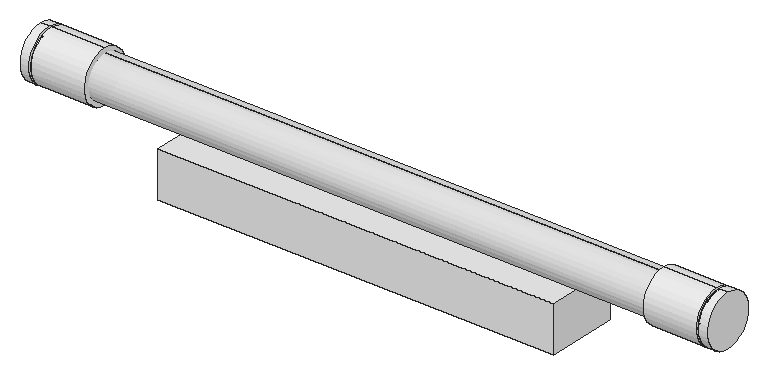
Revit family "3-557-xx - 37-557-xx - Zenith II (Vanity)", category Lighting Fixtures, host Face, Revit 2018
Family settings
  Host = Face
  Round Connector Dimension = Use Diameter
  Part Type = Normal
  Cut with Voids When Loaded = No
  Light Source = Yes
  Shared = No
  Room Calculation Point = No
Parameters (values of type "3-557-14 / 37-557-14 - Zenith II")
  Wattage Comments = "14.50 W at 120 V"  # constant formula
  Wattage = 14.5 W
  built-in parameter 1150110 = 1 (stored number, unit not read)
  Voltage Input [instance] = "120 V or 277 V 50/60Hz"  # constant formula
  URL = "www.oxygenlighting.com"
  built-in parameter 1114217 = 1 (stored number, unit not read)
  Tilt Angle = 180.00°  # constant formula
  built-in parameter 1150109 = 1 (stored number, unit not read)
  built-in parameter 1150134 = (empty or 0)
  built-in parameter 1150113 = 1 (stored number, unit not read)
  Photometric Web File = "3-557-24 Zenith Vanity.ies"
  Other = none
  References [instance] = "Ref. 3 = 120V / Ref. 37 = 277 V"  # constant formula
  Model = "3-557-xx / 37-557-xx - Zenith II"  # constant formula
  Metal Finish = 14 - Polished Chrome
  Manufacturer = "Oxygen Lighting & Fans"  # constant formula
  built-in parameter 1150105 = 77.079 (stored number, unit not read)
  Lumens = 968.6 lm
  built-in parameter 1150115 = 1 (stored number, unit not read)
  built-in parameter 1150137 = (empty or 0)
  built-in parameter 1150139 = (empty or 0)
  built-in parameter 1150112 = 1 (stored number, unit not read)
  built-in parameter 1150114 = 1 (stored number, unit not read)
  Lamp = "LED Array"  # constant formula
  built-in parameter 1150132 = (empty or 0)
  built-in parameter 1150102 = (empty or 0)
  built-in parameter 1150107 = 3000 (stored number, unit not read)
  built-in parameter 1150138 = (empty or 0)
  built-in parameter 1150106 = 0.77079 (stored number, unit not read)
  Emit from Rectangle Width = 22.00"  # constant formula
  built-in parameter 1150128 = 1.00"  # constant formula
  Emit Shape Visible in Rendering = no
  built-in parameter 1150104 = 6.2059 (stored number, unit not read)
  Dimming Lamp Color Temperature Shift = <None>
  Diffuser = Matte White Acrylic
  Default Elevation = 0.00"
  Color Filter = 16777215
  Emit from Rectangle Length = 12.00"
  built-in parameter 1150133 = 10 (stored number, unit not read)
Types (5): name | Metal Finish
  (no name) | 14 - Polished Chrome
  3-557-14 / 37-557-14 - Zenith II | 14 - Polished Chrome
  3-557-22 / 37-557-22 - Zenith II | 22- Oiled Bronze
  3-557-24 / 37-557-24 - Zenith II | 24 - Satin Nickel
  3-557-40 / 37-557-40 - Zenith II | 40 - Aged Brass
Reference planes (in)
  plane 1 "Center (Front/Back)": y = 0
  plane 2: z = 0
  plane 3 "Center (Left/Right)": x = 0
Dimensions and locks (in)
  aligned and locked: plane 2 to host face
  aligned and locked: level to host face
Nested families (in)
  nested 1: "3-557 Zenith II" at (0, 0, 0), type "3-557 Zenith II"
Definition of nested family "3-557 Zenith II"
  Parameters (values of type "3-557 Zenith II")
    Others 2 = none
    Others 1 = none
    Metal Finish = none
    Main Diffuser = none
    Diffuser = none
    2nd Diffuser = none
  Reference planes (in)
    plane 1 "Center (Front/Back)": y = 0
    plane 2: z = 0
    plane 3 "Center (Left/Right)": x = 0
    plane 4: y = 0
  Forms (in)
    Extrusion 1, solid, material <- "Diffuser"
      sketch origin (0, 94.23936, -3) x (0, 0, -1) y (0, -1, 0)
        loop
          circle (-5.34019, 94.23936) r 0.75
      from -9.89467 to 9.88967
    Extrusion 2, solid, material <- "Metal Finish"
      sketch origin (33.89467, 94.23936, -3.9375) x (0, 0, -1) y (0, -1, 0)
        loop
          circle (-6.27769, 94.23936) r 0.9
      from 22.125 to 24
    Extrusion 3, solid, material <- "Metal Finish"
      sketch origin (33.73331, 94.25936, -3.9375) x (0, 0, -1) y (0, -1, 0)
        loop
          circle (-6.27769, 94.25936) r 0.86
      from 21.875 to 21.96364
    Extrusion 4, solid, material <- "Metal Finish"
      sketch origin (34.25864, 94.24599, -3.9375) x (0, 0, -1) y (0, -1, 0)
        loop
          circle (-6.27769, 94.24599) r 0.9
      from 22.08864 to 22.40033
    Extrusion 5, solid, material <- "Metal Finish"
      sketch origin (12.23533, 94.23936, -3.9375) x (0, 0, -1) y (0, -1, 0)
        loop
          circle (-6.27769, 94.23936) r 0.9
      from 22.125 to 24
    Extrusion 6, solid, material <- "Metal Finish"
      sketch origin (10.11033, 94.23936, -3.9375) x (0, 0, -1) y (0, -1, 0)
        loop
          circle (-6.27769, 94.23936) r 0.86
      from 21.875 to 21.96364
    Extrusion 7, solid, material <- "Metal Finish"
      sketch origin (10.23533, 94.23936, -3.9375) x (0, 0, -1) y (0, -1, 0)
        loop
          circle (-6.27769, 94.23936) r 0.9
      from 22.08864 to 22.40033
    Extrusion 8, void
      sketch origin (0, 94.23936, -3) x (0, 0, -1) y (0, -1, 0)
        loop
          circle (-5.34019, 94.23936) r 0.67885
      from -9.89467 to 9.88967
    Extrusion 9, solid, material <- "Metal Finish"
      sketch origin (0, 1.25, -3) x (0, 0, 1) y (0, -1, 0)
        loop
          line (4.61816, 2.5) -> (3, 2.5) -> (3, 0) -> (4.61816, 0) -> (4.61816, 2.5)
      from -7 to 7
  Cuts and joins
    Extrusion 8 cuts Extrusion 1
  Lines and regions (in)
    model lines
      curve 1: line (-4, 0, 0) -> (4, 0, 0)
      curve 2: line (0, -4, 0) -> (0, 4, 0)
    symbolic lines
      curve 3: circle (0, 0, 0) r 2 normal (0, 0, 1)
    model lines, not visible
      curve 4: line (-13.0722, 21.77075, 0) -> (-5.0722, 21.77075, 0)
      curve 5: line (-9.0722, 17.77075, 0) -> (-9.0722, 25.77075, 0)
    symbolic lines, not visible
      curve 6: circle (-9.0722, 21.77075, 0) r 2 normal (0, 0, 1)
  Text (in)
    text "M.C." at (0.88973, 1.62995, 0), in view "Ref. Level"
    text "M.C." at (-8.18247, 23.4007, 0), in view "Ref. Level", not visible
  Dimensions and locks (in)
    aligned and locked: plane 2 to level
